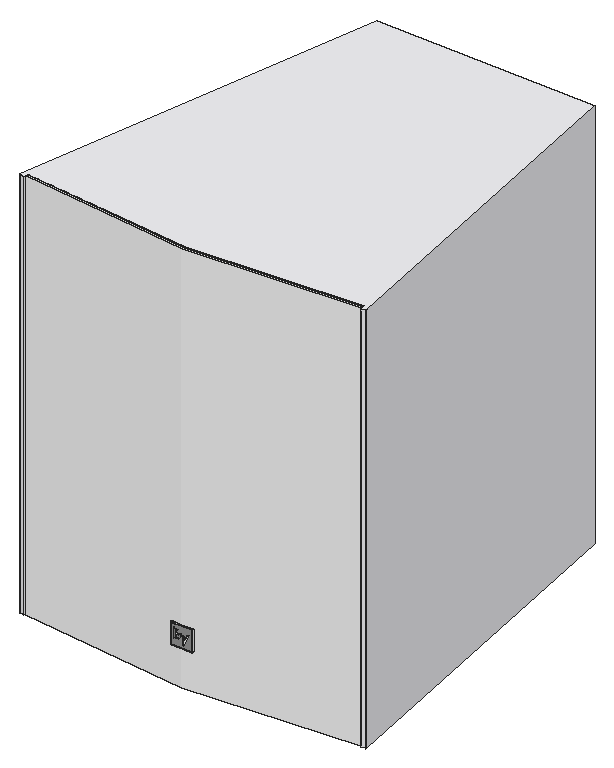
Revit family "EVF-1181S", category Communication Devices, Revit 2017 (continued)
Definition of nested family "InputPanelV"
  Lines and regions (mm)
    model lines
      curve 776: line (21.769, -4.337, 81.513) -> (21.77, -4.337, 79.396)
      curve 777: line (21.77, -4.337, 79.396) -> (15.545, -4.337, 79.397)
      curve 778: line (2.85, -4.337, 82.326) -> (3.839, -4.337, 82.487)
      curve 779: line (3.839, -4.337, 82.487) -> (4.676, -4.337, 82.946)
      curve 780: line (4.676, -4.337, 82.946) -> (5.236, -4.337, 83.632)
      curve 781: line (5.236, -4.337, 83.632) -> (5.432, -4.337, 84.441)
      curve 782: line (5.432, -4.337, 84.441) -> (5.236, -4.337, 85.251)
      curve 783: line (5.236, -4.337, 85.251) -> (4.676, -4.337, 85.937)
      curve 784: line (4.676, -4.337, 85.937) -> (3.838, -4.337, 86.395)
      curve 785: line (3.838, -4.337, 86.395) -> (2.85, -4.337, 86.556)
      curve 786: line (2.85, -4.337, 86.556) -> (1.862, -4.337, 86.395)
      curve 787: line (1.862, -4.337, 86.395) -> (1.024, -4.337, 85.937)
      curve 788: line (1.024, -4.337, 85.937) -> (0.465, -4.337, 85.25)
      curve 789: line (0.465, -4.337, 85.25) -> (0.268, -4.337, 84.441)
      curve 790: line (0.268, -4.337, 84.441) -> (0.465, -4.337, 83.631)
      curve 791: line (0.465, -4.337, 83.631) -> (1.025, -4.337, 82.945)
      curve 792: line (1.025, -4.337, 82.945) -> (1.855, -4.337, 82.491)
      curve 793: line (1.862, -4.337, 82.487) -> (2.85, -4.337, 82.203)
      curve 794: line (2.85, -4.337, 82.203) -> (2.851, -4.337, 81.512)
      curve 795: line (2.851, -4.337, 81.512) -> (2.851, -4.337, 79.394)
      curve 796: line (2.851, -4.337, 79.394) -> (-0.302, -4.337, 79.395)
      curve 797: line (-0.302, -4.337, 79.395) -> (-0.303, -4.337, 80.818)
      curve 798: line (-0.303, -4.337, 80.818) -> (-0.43, -4.337, 77.706)
      curve 799: line (-0.43, -4.337, 77.706) -> (-0.607, -4.337, 77.584)
      curve 800: line (-0.607, -4.337, 77.584) -> (-0.607, -4.337, 80.716)
      curve 801: line (-0.607, -4.337, 80.716) -> (-0.43, -4.337, 80.839)
      curve 802: line (15.463, -4.337, 82.328) -> (16.451, -4.337, 82.489)
      curve 803: line (16.451, -4.337, 82.489) -> (17.289, -4.337, 82.947)
      curve 804: line (17.289, -4.337, 82.947) -> (17.848, -4.337, 83.634)
      curve 805: line (17.848, -4.337, 83.634) -> (18.045, -4.337, 84.443)
      curve 806: line (18.045, -4.337, 84.443) -> (17.848, -4.337, 85.252)
      curve 807: line (17.848, -4.337, 85.252) -> (17.288, -4.337, 85.939)
      curve 808: line (17.288, -4.337, 85.939) -> (16.451, -4.337, 86.397)
      curve 809: line (16.451, -4.337, 86.397) -> (15.463, -4.337, 86.558)
      curve 810: line (15.463, -4.337, 86.558) -> (14.474, -4.337, 86.397)
      curve 811: line (14.474, -4.337, 86.397) -> (13.637, -4.337, 85.938)
      curve 812: line (13.637, -4.337, 85.938) -> (13.077, -4.337, 85.252)
      curve 813: line (13.077, -4.337, 85.252) -> (12.881, -4.337, 84.442)
      curve 814: line (12.881, -4.337, 84.442) -> (13.077, -4.337, 83.633)
      curve 815: line (13.077, -4.337, 83.633) -> (13.637, -4.337, 82.947)
      curve 816: line (13.637, -4.337, 82.947) -> (14.468, -4.337, 82.492)
      curve 817: line (14.475, -4.337, 82.488) -> (15.463, -4.337, 82.205)
      curve 818: line (15.463, -4.337, 82.205) -> (15.463, -4.337, 81.513)
      curve 819: line (15.463, -4.337, 81.513) -> (15.463, -4.337, 79.396)
      curve 820: line (15.463, -4.337, 79.396) -> (9.268, -4.337, 79.396)
      curve 821: line (24.922, -4.337, 85.257) -> (24.922, -4.337, 85.469)
      curve 822: line (24.922, -4.337, 85.469) -> (24.579, -4.337, 85.469)
      curve 823: line (24.441, -4.337, 85.39) -> (24.315, -4.337, 85.257)
      curve 824: line (24.315, -4.337, 85.257) -> (24.922, -4.337, 85.257)
      curve 825: line (24.922, -4.337, 85.257) -> (24.922, -4.337, 83.63)
      curve 826: line (24.922, -4.337, 83.63) -> (24.315, -4.337, 83.63)
      curve 827: line (18.008, -4.337, 83.63) -> (19.223, -4.337, 83.63)
      curve 828: line (11.703, -4.337, 83.629) -> (12.918, -4.337, 83.629)
      curve 829: line (5.395, -4.337, 83.628) -> (6.61, -4.337, 83.628)
      curve 830: line (-0.303, -4.337, 85.254) -> (-0.303, -4.337, 85.466)
      curve 831: line (-0.303, -4.337, 85.466) -> (0.063, -4.337, 85.466)
      curve 832: line (0.179, -4.337, 85.387) -> (0.305, -4.337, 85.254)
      curve 833: line (0.305, -4.337, 85.254) -> (-0.303, -4.337, 85.254)
      curve 834: line (-0.303, -4.337, 85.254) -> (-0.303, -4.337, 83.627)
      curve 835: line (-0.303, -4.337, 83.627) -> (0.305, -4.337, 83.627)
      curve 836: line (5.659, -4.337, 85.467) -> (6.337, -4.337, 85.464)
      curve 837: line (6.484, -4.337, 85.388) -> (6.61, -4.337, 85.255)
      curve 838: line (6.61, -4.337, 85.255) -> (5.395, -4.337, 85.255)
      curve 839: line (5.395, -4.337, 85.255) -> (5.521, -4.337, 85.388)
      curve 840: line (11.703, -4.337, 85.256) -> (12.917, -4.337, 85.256)
      curve 841: line (12.917, -4.337, 85.256) -> (12.791, -4.337, 85.389)
      curve 842: line (12.676, -4.337, 85.468) -> (11.966, -4.337, 85.468)
      curve 843: line (11.829, -4.337, 85.389) -> (11.703, -4.337, 85.256)
      curve 844: line (18.272, -4.337, 85.468) -> (18.95, -4.337, 85.465)
      curve 845: line (19.097, -4.337, 85.39) -> (19.223, -4.337, 85.257)
      curve 846: line (19.223, -4.337, 85.257) -> (18.008, -4.337, 85.257)
      curve 847: line (18.008, -4.337, 85.257) -> (18.134, -4.337, 85.39)
      curve 848: line (12.599, -4.337, 80.82) -> (12.599, -4.337, 82.937)
      curve 849: line (12.599, -4.337, 82.937) -> (12.022, -4.337, 82.937)
      curve 850: line (12.022, -4.337, 82.937) -> (12.022, -4.337, 80.82)
      curve 851: line (12.022, -4.337, 80.82) -> (12.599, -4.337, 80.82)
      curve 852: line (6.291, -4.337, 80.819) -> (5.715, -4.337, 80.819)
      curve 853: line (5.715, -4.337, 80.819) -> (5.715, -4.337, 82.936)
      curve 854: line (5.715, -4.337, 82.936) -> (6.291, -4.337, 82.936)
      curve 855: line (6.291, -4.337, 82.936) -> (6.291, -4.337, 80.819)
      curve 856: line (18.904, -4.337, 80.821) -> (18.328, -4.337, 80.821)
      curve 857: line (18.328, -4.337, 80.821) -> (18.327, -4.337, 82.938)
      curve 858: line (18.327, -4.337, 82.938) -> (18.904, -4.337, 82.938)
      curve 859: line (18.904, -4.337, 82.938) -> (18.904, -4.337, 80.821)
      curve 860: line (-0.303, -4.337, 82.936) -> (-0.303, -4.337, 80.818)
      curve 861: line (-0.303, -4.337, 80.818) -> (-0.014, -4.337, 80.818)
      curve 862: line (-0.014, -4.337, 80.818) -> (-0.014, -4.337, 82.936)
      curve 863: line (-0.014, -4.337, 82.936) -> (-0.303, -4.337, 82.936)
      curve 864: line (-0.303, -4.337, 82.936) -> (-0.303, -4.337, 83.627)
      curve 865: line (24.922, -4.337, 83.63) -> (24.922, -4.337, 82.939)
      curve 866: line (24.922, -4.337, 82.939) -> (24.635, -4.337, 82.939)
      curve 867: line (24.635, -4.337, 82.939) -> (24.635, -4.337, 80.821)
      curve 868: line (24.635, -4.337, 80.821) -> (24.923, -4.337, 80.821)
      curve 869: line (24.923, -4.337, 80.821) -> (24.922, -4.337, 82.939)
      curve 870: line (2.646, -4.337, 82.333) -> (4.834, -4.337, 84.126)
      curve 871: line (4.834, -4.337, 84.126) -> (5.167, -4.337, 83.635)
      curve 872: line (8.952, -4.337, 82.333) -> (11.141, -4.337, 84.127)
      curve 873: line (11.141, -4.337, 84.127) -> (11.473, -4.337, 83.636)
      curve 874: line (2.391, -4.337, 82.36) -> (4.343, -4.337, 83.959)
      curve 875: line (4.343, -4.337, 83.959) -> (4.343, -4.337, 84.529)
      curve 876: line (4.343, -4.337, 84.529) -> (1.855, -4.337, 82.491)
      curve 877: line (8.697, -4.337, 82.36) -> (10.649, -4.337, 83.96)
      curve 878: line (10.649, -4.337, 83.96) -> (10.649, -4.337, 84.529)
      curve 879: line (10.649, -4.337, 84.529) -> (8.162, -4.337, 82.491)
      curve 880: line (15.004, -4.337, 82.361) -> (16.955, -4.337, 83.961)
      curve 881: line (16.955, -4.337, 83.961) -> (16.955, -4.337, 84.53)
      curve 882: line (16.955, -4.337, 84.53) -> (14.468, -4.337, 82.492)
      curve 883: line (15.258, -4.337, 82.334) -> (17.447, -4.337, 84.128)
      curve 884: line (17.447, -4.337, 84.128) -> (17.779, -4.337, 83.637)
      curve 885: line (21.565, -4.337, 82.335) -> (23.753, -4.337, 84.128)
      curve 886: line (23.753, -4.337, 84.128) -> (24.086, -4.337, 83.637)
      curve 887: line (21.31, -4.337, 82.362) -> (23.262, -4.337, 83.961)
      curve 888: line (23.262, -4.337, 83.961) -> (23.262, -4.337, 84.531)
      curve 889: line (23.262, -4.337, 84.531) -> (20.774, -4.337, 82.493)
      curve 890: line (21.88, -4.337, 79.397) -> (24.923, -4.337, 79.398)
      curve 891: line (24.923, -4.337, 79.398) -> (24.924, -4.337, 73.974)
      curve 892: line (24.924, -4.337, 73.974) -> (-0.302, -4.337, 73.971)
      curve 893: line (-0.302, -4.337, 73.971) -> (-0.302, -4.337, 79.395)
      curve 894: line (24.923, -4.337, 80.821) -> (24.923, -4.337, 79.398)
      curve 895: line (24.924, -4.337, 73.974) -> (24.924, -4.337, 73.648)
      curve 896: line (24.924, -4.337, 73.648) -> (-0.302, -4.337, 73.645)
      curve 897: line (-0.302, -4.337, 73.645) -> (-0.302, -4.337, 73.971)
      curve 898: line (-0.302, -4.337, 73.971) -> (-0.429, -4.337, 73.842)
      curve 899: line (-0.429, -4.337, 73.842) -> (-0.607, -4.337, 73.72)
      curve 900: line (6.303, -4.337, 73.19) -> (11.814, -4.337, 73.191)
      curve 901: line (11.814, -4.337, 73.191) -> (11.815, -4.337, 68.976)
      curve 902: line (11.815, -4.337, 68.976) -> (6.303, -4.337, 68.975)
      curve 903: line (6.303, -4.337, 68.975) -> (6.303, -4.337, 73.19)
      curve 904: line (5.707, -4.337, 68.975) -> (0.195, -4.337, 68.974)
      curve 905: line (0.195, -4.337, 68.974) -> (0.195, -4.337, 73.19)
      curve 906: line (0.195, -4.337, 73.19) -> (5.707, -4.337, 73.19)
      curve 907: line (5.707, -4.337, 73.19) -> (5.707, -4.337, 68.975)
      curve 908: line (-0.302, -4.337, 73.645) -> (-0.301, -4.337, 68.519)
      curve 909: line (-0.301, -4.337, 68.519) -> (24.924, -4.337, 68.522)
      curve 910: line (24.924, -4.337, 68.522) -> (24.924, -4.337, 73.648)
      curve 911: line (18.915, -4.337, 73.192) -> (24.427, -4.337, 73.193)
      curve 912: line (24.427, -4.337, 73.193) -> (24.428, -4.337, 68.977)
      curve 913: line (24.428, -4.337, 68.977) -> (18.916, -4.337, 68.977)
      curve 914: line (18.916, -4.337, 68.977) -> (18.915, -4.337, 73.192)
      curve 915: line (18.32, -4.337, 68.977) -> (12.808, -4.337, 68.976)
      curve 916: line (12.808, -4.337, 68.976) -> (12.808, -4.337, 73.191)
      curve 917: line (12.808, -4.337, 73.191) -> (18.319, -4.337, 73.192)
      curve 918: line (18.319, -4.337, 73.192) -> (18.32, -4.337, 68.977)
      curve 919: line (20.082, -4.337, 73.192) -> (20.082, -4.337, 71.784)
      curve 920: line (20.082, -4.337, 71.784) -> (19.394, -4.337, 71.458)
      curve 921: line (19.394, -4.337, 71.458) -> (18.916, -4.337, 71.073)
      curve 922: line (7.47, -4.337, 73.19) -> (7.47, -4.337, 71.782)
      curve 923: line (7.47, -4.337, 71.782) -> (6.782, -4.337, 71.456)
      curve 924: line (6.782, -4.337, 71.456) -> (6.303, -4.337, 71.071)
      curve 925: line (17.152, -4.337, 73.192) -> (17.153, -4.337, 71.783)
      curve 926: line (17.153, -4.337, 71.783) -> (17.841, -4.337, 71.458)
      curve 927: line (17.841, -4.337, 71.458) -> (18.32, -4.337, 71.073)
      curve 928: line (4.54, -4.337, 73.19) -> (4.54, -4.337, 71.782)
      curve 929: line (4.54, -4.337, 71.782) -> (5.228, -4.337, 71.456)
      curve 930: line (5.228, -4.337, 71.456) -> (5.707, -4.337, 71.071)
      curve 931: line (1.163, -4.337, 73.19) -> (1.163, -4.337, 71.781)
      curve 932: line (1.163, -4.337, 71.781) -> (0.475, -4.337, 71.456)
      curve 933: line (0.475, -4.337, 71.456) -> (0.195, -4.337, 71.23)
      curve 934: line (13.776, -4.337, 73.191) -> (13.776, -4.337, 71.783)
      curve 935: line (13.776, -4.337, 71.783) -> (13.088, -4.337, 71.457)
      curve 936: line (13.088, -4.337, 71.457) -> (12.808, -4.337, 71.232)
      curve 937: line (10.846, -4.337, 73.191) -> (10.846, -4.337, 71.782)
      curve 938: line (10.846, -4.337, 71.782) -> (11.534, -4.337, 71.457)
      curve 939: line (11.815, -4.337, 71.232) -> (11.534, -4.337, 71.457)
      curve 940: line (11.534, -4.337, 71.457) -> (6.782, -4.337, 71.456)
      curve 941: line (23.459, -4.337, 73.192) -> (23.459, -4.337, 71.784)
      curve 942: line (23.459, -4.337, 71.784) -> (24.147, -4.337, 71.459)
      curve 943: line (24.147, -4.337, 71.459) -> (19.394, -4.337, 71.458)
      curve 944: line (24.427, -4.337, 71.233) -> (24.147, -4.337, 71.459)
      curve 945: line (4.54, -4.337, 71.782) -> (1.163, -4.337, 71.781)
      curve 946: line (17.153, -4.337, 71.783) -> (13.776, -4.337, 71.783)
      curve 947: line (7.47, -4.337, 71.782) -> (10.846, -4.337, 71.782)
      curve 948: line (20.082, -4.337, 71.784) -> (23.459, -4.337, 71.784)
      curve 949: line (-0.868, -4.337, 73.72) -> (-0.867, -4.337, 70.587)
      curve 950: line (-0.867, -4.337, 70.587) -> (-0.606, -4.337, 70.587)
      curve 951: line (-0.606, -4.337, 70.587) -> (-0.607, -4.337, 73.72)
      curve 952: line (-0.607, -4.337, 73.72) -> (-0.868, -4.337, 73.72)
      curve 953: line (-0.868, -4.337, 73.72) -> (-0.868, -4.337, 74.301)
      curve 954: line (-0.868, -4.337, 74.301) -> (-0.607, -4.337, 74.301)
      curve 955: line (-0.607, -4.337, 74.301) -> (-0.302, -4.337, 74.179)
      curve 956: line (-0.429, -4.337, 73.842) -> (-0.429, -4.337, 70.709)
      curve 957: line (-0.429, -4.337, 70.709) -> (-0.606, -4.337, 70.587)
      curve 958: line (5.707, -4.337, 70.073) -> (0.195, -4.337, 70.073)
      curve 959: line (18.32, -4.337, 70.075) -> (12.808, -4.337, 70.074)
      curve 960: line (11.815, -4.337, 70.074) -> (6.303, -4.337, 70.073)
      curve 961: line (24.427, -4.337, 70.076) -> (18.916, -4.337, 70.075)
      curve 962: line (5.228, -4.337, 71.456) -> (0.475, -4.337, 71.456)
      curve 963: line (17.841, -4.337, 71.458) -> (13.088, -4.337, 71.457)
      curve 964: line (-0.607, -4.337, 80.716) -> (-0.869, -4.337, 80.716)
      curve 965: line (-0.869, -4.337, 80.716) -> (-0.869, -4.337, 81.297)
      curve 966: line (-0.869, -4.337, 81.297) -> (-0.608, -4.337, 81.297)
      curve 967: line (-0.608, -4.337, 81.297) -> (-0.43, -4.337, 81.175)
      curve 968: line (-0.869, -4.337, 80.716) -> (-0.868, -4.337, 77.583)
      curve 969: line (-0.868, -4.337, 77.583) -> (-0.607, -4.337, 77.584)
      curve 970: line (15.462, -4.337, 91.808) -> (14.474, -4.337, 91.647)
      curve 971: line (14.474, -4.337, 91.647) -> (13.636, -4.337, 91.189)
      curve 972: line (13.636, -4.337, 91.189) -> (13.076, -4.337, 90.502)
      curve 973: line (13.076, -4.337, 90.502) -> (12.88, -4.337, 89.693)
      curve 974: line (12.88, -4.337, 89.693) -> (13.077, -4.337, 88.883)
      curve 975: line (13.077, -4.337, 88.883) -> (13.637, -4.337, 88.197)
      curve 976: line (13.637, -4.337, 88.197) -> (14.474, -4.337, 87.739)
      curve 977: line (14.474, -4.337, 87.739) -> (15.462, -4.337, 87.578)
      curve 978: line (15.462, -4.337, 87.578) -> (16.451, -4.337, 87.739)
      curve 979: line (16.451, -4.337, 87.739) -> (17.288, -4.337, 88.198)
      curve 980: line (17.288, -4.337, 88.198) -> (17.848, -4.337, 88.884)
      curve 981: line (17.848, -4.337, 88.884) -> (18.044, -4.337, 89.694)
      curve 982: line (18.044, -4.337, 89.694) -> (17.848, -4.337, 90.503)
      curve 983: line (17.848, -4.337, 90.503) -> (17.288, -4.337, 91.189)
      curve 984: line (17.288, -4.337, 91.189) -> (16.457, -4.337, 91.644)
      curve 985: line (16.45, -4.337, 91.647) -> (15.462, -4.337, 91.932)
      curve 986: line (15.462, -4.337, 91.932) -> (15.462, -4.337, 92.623)
      curve 987: line (15.462, -4.337, 92.623) -> (15.462, -4.337, 94.741)
      curve 988: line (15.462, -4.337, 94.741) -> (21.686, -4.337, 94.74)
      curve 989: line (2.849, -4.337, 91.807) -> (1.861, -4.337, 91.646)
      curve 990: line (1.861, -4.337, 91.646) -> (1.024, -4.337, 91.187)
      curve 991: line (1.024, -4.337, 91.187) -> (0.464, -4.337, 90.501)
      curve 992: line (0.464, -4.337, 90.501) -> (0.267, -4.337, 89.691)
      curve 993: line (0.267, -4.337, 89.691) -> (0.464, -4.337, 88.882)
      curve 994: line (0.464, -4.337, 88.882) -> (1.024, -4.337, 88.196)
      curve 995: line (1.024, -4.337, 88.196) -> (1.862, -4.337, 87.737)
      curve 996: line (1.862, -4.337, 87.737) -> (2.85, -4.337, 87.577)
      curve 997: line (2.85, -4.337, 87.577) -> (3.838, -4.337, 87.738)
      curve 998: line (3.838, -4.337, 87.738) -> (4.676, -4.337, 88.196)
      curve 999: line (4.676, -4.337, 88.196) -> (5.235, -4.337, 88.883)
      curve 1000: line (5.235, -4.337, 88.883) -> (5.432, -4.337, 89.692)
      curve 1001: line (5.432, -4.337, 89.692) -> (5.235, -4.337, 90.501)
      curve 1002: line (5.235, -4.337, 90.501) -> (4.675, -4.337, 91.188)
      curve 1003: line (4.675, -4.337, 91.188) -> (3.844, -4.337, 91.642)
      curve 1004: line (3.837, -4.337, 91.646) -> (2.849, -4.337, 91.93)
      curve 1005: line (2.849, -4.337, 91.93) -> (2.849, -4.337, 92.622)
      curve 1006: line (2.849, -4.337, 92.622) -> (2.849, -4.337, 94.74)
      curve 1007: line (2.849, -4.337, 94.74) -> (9.074, -4.337, 94.739)
      curve 1008: line (21.768, -4.337, 91.809) -> (20.78, -4.337, 91.648)
      curve 1009: line (20.78, -4.337, 91.648) -> (19.942, -4.337, 91.189)
      curve 1010: line (19.942, -4.337, 91.189) -> (19.383, -4.337, 90.503)
      curve 1011: line (19.383, -4.337, 90.503) -> (19.186, -4.337, 89.694)
      curve 1012: line (19.186, -4.337, 89.694) -> (19.383, -4.337, 88.884)
      curve 1013: line (19.383, -4.337, 88.884) -> (19.943, -4.337, 88.198)
      curve 1014: line (19.943, -4.337, 88.198) -> (20.781, -4.337, 87.74)
      curve 1015: line (20.781, -4.337, 87.74) -> (21.769, -4.337, 87.579)
      curve 1016: line (21.769, -4.337, 87.579) -> (22.757, -4.337, 87.74)
      curve 1017: line (22.757, -4.337, 87.74) -> (23.594, -4.337, 88.199)
      curve 1018: line (23.594, -4.337, 88.199) -> (24.154, -4.337, 88.885)
      curve 1019: line (24.154, -4.337, 88.885) -> (24.351, -4.337, 89.694)
      curve 1020: line (24.351, -4.337, 89.694) -> (24.154, -4.337, 90.504)
      curve 1021: line (24.154, -4.337, 90.504) -> (23.594, -4.337, 91.19)
      curve 1022: line (23.594, -4.337, 91.19) -> (22.763, -4.337, 91.644)
      curve 1023: line (22.756, -4.337, 91.648) -> (21.768, -4.337, 91.932)
      curve 1024: line (21.768, -4.337, 91.932) -> (21.768, -4.337, 92.624)
      curve 1025: line (21.768, -4.337, 92.624) -> (21.768, -4.337, 94.741)
      curve 1026: line (21.768, -4.337, 94.741) -> (24.921, -4.337, 94.741)
      curve 1027: line (9.156, -4.337, 91.808) -> (8.167, -4.337, 91.646)
      curve 1028: line (8.167, -4.337, 91.646) -> (7.33, -4.337, 91.188)
      curve 1029: line (7.33, -4.337, 91.188) -> (6.77, -4.337, 90.502)
      curve 1030: line (6.77, -4.337, 90.502) -> (6.574, -4.337, 89.692)
      curve 1031: line (6.574, -4.337, 89.692) -> (6.77, -4.337, 88.883)
      curve 1032: line (6.77, -4.337, 88.883) -> (7.33, -4.337, 88.197)
      curve 1033: line (7.33, -4.337, 88.197) -> (8.168, -4.337, 87.738)
      curve 1034: line (8.168, -4.337, 87.738) -> (9.156, -4.337, 87.577)
      curve 1035: line (9.156, -4.337, 87.577) -> (10.144, -4.337, 87.738)
      curve 1036: line (10.144, -4.337, 87.738) -> (10.982, -4.337, 88.197)
      curve 1037: line (10.982, -4.337, 88.197) -> (11.542, -4.337, 88.883)
      curve 1038: line (11.542, -4.337, 88.883) -> (11.738, -4.337, 89.693)
      curve 1039: line (11.738, -4.337, 89.693) -> (11.541, -4.337, 90.502)
      curve 1040: line (11.541, -4.337, 90.502) -> (10.981, -4.337, 91.188)
      curve 1041: line (10.981, -4.337, 91.188) -> (10.151, -4.337, 91.643)
      curve 1042: line (10.144, -4.337, 91.647) -> (9.156, -4.337, 91.93)
      curve 1043: line (9.156, -4.337, 91.93) -> (9.155, -4.337, 92.622)
      curve 1044: line (9.155, -4.337, 92.622) -> (9.155, -4.337, 94.74)
      curve 1045: line (9.155, -4.337, 94.74) -> (15.351, -4.337, 94.739)
      curve 1046: line (-0.304, -4.337, 88.878) -> (-0.303, -4.337, 88.666)
      curve 1047: line (-0.303, -4.337, 88.666) -> (0.04, -4.337, 88.666)
      curve 1048: line (0.177, -4.337, 88.745) -> (0.303, -4.337, 88.878)
      curve 1049: line (0.303, -4.337, 88.878) -> (-0.304, -4.337, 88.878)
      curve 1050: line (-0.304, -4.337, 88.878) -> (-0.304, -4.337, 90.505)
      curve 1051: line (-0.304, -4.337, 90.505) -> (0.303, -4.337, 90.505)
      curve 1052: line (6.611, -4.337, 90.506) -> (5.396, -4.337, 90.505)
      curve 1053: line (12.916, -4.337, 90.506) -> (11.701, -4.337, 90.506)
      curve 1054: line (19.223, -4.337, 90.507) -> (18.008, -4.337, 90.507)
      curve 1055: line (24.922, -4.337, 88.881) -> (24.922, -4.337, 88.669)
      curve 1056: line (24.922, -4.337, 88.669) -> (24.556, -4.337, 88.669)
      curve 1057: line (24.44, -4.337, 88.748) -> (24.314, -4.337, 88.881)
      curve 1058: line (24.314, -4.337, 88.881) -> (24.922, -4.337, 88.881)
      curve 1059: line (24.922, -4.337, 88.881) -> (24.922, -4.337, 90.508)
      curve 1060: line (24.922, -4.337, 90.508) -> (24.314, -4.337, 90.508)
      curve 1061: line (18.96, -4.337, 88.668) -> (18.281, -4.337, 88.672)
      curve 1062: line (18.135, -4.337, 88.747) -> (18.008, -4.337, 88.88)
      curve 1063: line (18.008, -4.337, 88.88) -> (19.223, -4.337, 88.88)
      curve 1064: line (19.223, -4.337, 88.88) -> (19.097, -4.337, 88.747)
      curve 1065: line (12.916, -4.337, 88.879) -> (11.701, -4.337, 88.879)
      curve 1066: line (11.701, -4.337, 88.879) -> (11.827, -4.337, 88.746)
      curve 1067: line (11.943, -4.337, 88.668) -> (12.652, -4.337, 88.668)
      curve 1068: line (12.79, -4.337, 88.746) -> (12.916, -4.337, 88.879)
      curve 1069: line (6.347, -4.337, 88.667) -> (5.669, -4.337, 88.67)
      curve 1070: line (5.522, -4.337, 88.745) -> (5.396, -4.337, 88.878)
      curve 1071: line (5.396, -4.337, 88.878) -> (6.611, -4.337, 88.879)
      curve 1072: line (6.611, -4.337, 88.879) -> (6.485, -4.337, 88.745)
      curve 1073: line (12.02, -4.337, 93.315) -> (12.02, -4.337, 91.198)
      curve 1074: line (12.02, -4.337, 91.198) -> (12.597, -4.337, 91.198)
      curve 1075: line (12.597, -4.337, 91.198) -> (12.596, -4.337, 93.315)
      curve 1076: line (12.596, -4.337, 93.315) -> (12.02, -4.337, 93.315)
      curve 1077: line (18.327, -4.337, 93.316) -> (18.904, -4.337, 93.316)
      curve 1078: line (18.904, -4.337, 93.316) -> (18.904, -4.337, 91.199)
      curve 1079: line (18.904, -4.337, 91.199) -> (18.327, -4.337, 91.199)
      curve 1080: line (18.327, -4.337, 91.199) -> (18.327, -4.337, 93.316)
      curve 1081: line (5.715, -4.337, 93.315) -> (6.291, -4.337, 93.315)
      curve 1082: line (6.291, -4.337, 93.315) -> (6.291, -4.337, 91.197)
      curve 1083: line (6.291, -4.337, 91.197) -> (5.715, -4.337, 91.197)
      curve 1084: line (5.715, -4.337, 91.197) -> (5.715, -4.337, 93.315)
      curve 1085: line (24.921, -4.337, 91.199) -> (24.921, -4.337, 93.317)
      curve 1086: line (24.921, -4.337, 93.317) -> (24.632, -4.337, 93.317)
      curve 1087: line (24.632, -4.337, 93.317) -> (24.633, -4.337, 91.199)
      curve 1088: line (24.633, -4.337, 91.199) -> (24.921, -4.337, 91.199)
      curve 1089: line (24.921, -4.337, 91.199) -> (24.922, -4.337, 90.508)
      curve 1090: line (-0.304, -4.337, 90.505) -> (-0.304, -4.337, 91.196)
      curve 1091: line (-0.304, -4.337, 91.196) -> (-0.016, -4.337, 91.196)
      curve 1092: line (-0.016, -4.337, 91.196) -> (-0.016, -4.337, 93.314)
      curve 1093: line (-0.016, -4.337, 93.314) -> (-0.304, -4.337, 93.314)
      curve 1094: line (-0.304, -4.337, 93.314) -> (-0.304, -4.337, 91.196)
      curve 1095: line (15.667, -4.337, 91.802) -> (13.478, -4.337, 90.008)
      curve 1096: line (13.478, -4.337, 90.008) -> (13.145, -4.337, 90.499)
      curve 1097: line (21.973, -4.337, 91.802) -> (19.784, -4.337, 90.009)
      curve 1098: line (19.784, -4.337, 90.009) -> (19.452, -4.337, 90.5)
      curve 1099: line (15.921, -4.337, 91.775) -> (13.97, -4.337, 90.175)
      curve 1100: line (13.97, -4.337, 90.175) -> (13.97, -4.337, 89.606)
      curve 1101: line (13.97, -4.337, 89.606) -> (16.457, -4.337, 91.644)
      curve 1102: line (22.228, -4.337, 91.775) -> (20.276, -4.337, 90.176)
      curve 1103: line (20.276, -4.337, 90.176) -> (20.276, -4.337, 89.607)
      curve 1104: line (20.276, -4.337, 89.607) -> (22.763, -4.337, 91.644)
      curve 1105: line (9.36, -4.337, 91.801) -> (7.172, -4.337, 90.008)
      curve 1106: line (7.172, -4.337, 90.008) -> (6.839, -4.337, 90.499)
      curve 1107: line (3.054, -4.337, 91.8) -> (0.865, -4.337, 90.007)
      curve 1108: line (0.865, -4.337, 90.007) -> (0.533, -4.337, 90.498)
      curve 1109: line (3.309, -4.337, 91.773) -> (1.357, -4.337, 90.174)
      curve 1110: line (1.357, -4.337, 90.174) -> (1.357, -4.337, 89.604)
      curve 1111: line (1.357, -4.337, 89.604) -> (3.844, -4.337, 91.642)
      curve 1112: line (9.615, -4.337, 91.774) -> (7.663, -4.337, 90.175)
      curve 1113: line (7.663, -4.337, 90.175) -> (7.663, -4.337, 89.605)
      curve 1114: line (7.663, -4.337, 89.605) -> (10.151, -4.337, 91.643)
      curve 1115: line (2.738, -4.337, 94.738) -> (-0.304, -4.337, 94.737)
      curve 1116: line (-0.304, -4.337, 94.737) -> (-0.305, -4.337, 100.161)
      curve 1117: line (-0.305, -4.337, 100.161) -> (24.92, -4.337, 100.165)
      curve 1118: line (24.92, -4.337, 100.165) -> (24.921, -4.337, 94.741)
      curve 1119: line (24.921, -4.337, 94.741) -> (24.921, -4.337, 93.317)
      curve 1120: line (24.921, -4.337, 93.317) -> (25.049, -4.337, 96.43)
      curve 1121: line (25.049, -4.337, 96.43) -> (25.226, -4.337, 96.552)
      curve 1122: line (-0.304, -4.337, 93.314) -> (-0.304, -4.337, 94.737)
      curve 1123: line (18.316, -4.337, 100.945) -> (12.804, -4.337, 100.944)
      curve 1124: line (12.804, -4.337, 100.944) -> (12.804, -4.337, 105.159)
      curve 1125: line (12.804, -4.337, 105.159) -> (18.315, -4.337, 105.16)
      curve 1126: line (18.315, -4.337, 105.16) -> (18.316, -4.337, 100.945)
      curve 1127: line (18.911, -4.337, 105.16) -> (24.423, -4.337, 105.161)
      curve 1128: line (24.423, -4.337, 105.161) -> (24.424, -4.337, 100.946)
      curve 1129: line (24.424, -4.337, 100.946) -> (18.912, -4.337, 100.945)
      curve 1130: line (18.912, -4.337, 100.945) -> (18.911, -4.337, 105.16)
      curve 1131: line (-0.305, -4.337, 100.487) -> (24.92, -4.337, 100.49)
      curve 1132: line (24.92, -4.337, 100.49) -> (24.92, -4.337, 105.617)
      curve 1133: line (24.92, -4.337, 105.617) -> (-0.306, -4.337, 105.614)
      curve 1134: line (-0.306, -4.337, 105.614) -> (-0.305, -4.337, 100.487)
      curve 1135: line (-0.305, -4.337, 100.487) -> (-0.305, -4.337, 100.161)
      curve 1136: line (5.703, -4.337, 100.943) -> (0.192, -4.337, 100.943)
      curve 1137: line (0.192, -4.337, 100.943) -> (0.191, -4.337, 105.158)
      curve 1138: line (0.191, -4.337, 105.158) -> (5.703, -4.337, 105.159)
      curve 1139: line (5.703, -4.337, 105.159) -> (5.703, -4.337, 100.943)
      curve 1140: line (6.299, -4.337, 105.159) -> (11.811, -4.337, 105.159)
      curve 1141: line (11.811, -4.337, 105.159) -> (11.811, -4.337, 100.944)
      curve 1142: line (11.811, -4.337, 100.944) -> (6.299, -4.337, 100.943)
      curve 1143: line (6.299, -4.337, 100.943) -> (6.299, -4.337, 105.159)
      curve 1144: line (24.92, -4.337, 100.49) -> (24.92, -4.337, 100.165)
      curve 1145: line (24.92, -4.337, 100.165) -> (25.048, -4.337, 103.426)
      curve 1146: line (25.048, -4.337, 103.426) -> (25.225, -4.337, 103.548)
      curve 1147: line (25.225, -4.337, 103.548) -> (25.225, -4.337, 100.415)
      curve 1148: line (25.225, -4.337, 100.415) -> (25.048, -4.337, 100.293)
      curve 1149: line (17.149, -4.337, 100.945) -> (17.149, -4.337, 102.353)
      curve 1150: line (17.149, -4.337, 102.353) -> (17.837, -4.337, 102.679)
      curve 1151: line (17.837, -4.337, 102.679) -> (18.316, -4.337, 103.064)
      curve 1152: line (4.536, -4.337, 100.943) -> (4.536, -4.337, 102.352)
      curve 1153: line (4.536, -4.337, 102.352) -> (5.224, -4.337, 102.677)
      curve 1154: line (5.224, -4.337, 102.677) -> (5.703, -4.337, 103.062)
      curve 1155: line (7.466, -4.337, 100.944) -> (7.466, -4.337, 102.352)
      curve 1156: line (7.466, -4.337, 102.352) -> (6.778, -4.337, 102.677)
      curve 1157: line (6.778, -4.337, 102.677) -> (6.299, -4.337, 103.062)
      curve 1158: line (20.079, -4.337, 100.945) -> (20.079, -4.337, 102.354)
      curve 1159: line (20.079, -4.337, 102.354) -> (19.391, -4.337, 102.679)
      curve 1160: line (19.391, -4.337, 102.679) -> (18.912, -4.337, 103.064)
      curve 1161: line (10.843, -4.337, 100.944) -> (10.843, -4.337, 102.352)
      curve 1162: line (10.843, -4.337, 102.352) -> (11.531, -4.337, 102.678)
      curve 1163: line (11.531, -4.337, 102.678) -> (11.811, -4.337, 102.903)
      curve 1164: line (23.455, -4.337, 100.945) -> (23.455, -4.337, 102.354)
      curve 1165: line (23.455, -4.337, 102.354) -> (24.143, -4.337, 102.679)
      curve 1166: line (24.143, -4.337, 102.679) -> (24.423, -4.337, 102.905)
      curve 1167: line (13.772, -4.337, 100.944) -> (13.772, -4.337, 102.353)
      curve 1168: line (13.772, -4.337, 102.353) -> (13.084, -4.337, 102.678)
      curve 1169: line (12.804, -4.337, 102.903) -> (13.084, -4.337, 102.678)
      curve 1170: line (13.084, -4.337, 102.678) -> (17.837, -4.337, 102.679)
      curve 1171: line (1.16, -4.337, 100.943) -> (1.16, -4.337, 102.351)
      curve 1172: line (1.16, -4.337, 102.351) -> (0.472, -4.337, 102.677)
      curve 1173: line (0.472, -4.337, 102.677) -> (5.224, -4.337, 102.677)
      curve 1174: line (0.191, -4.337, 102.902) -> (0.472, -4.337, 102.677)
      curve 1175: line (7.466, -4.337, 102.352) -> (10.843, -4.337, 102.352)
      curve 1176: line (20.079, -4.337, 102.354) -> (23.455, -4.337, 102.354)
      curve 1177: line (4.536, -4.337, 102.352) -> (1.16, -4.337, 102.351)
      curve 1178: line (17.149, -4.337, 102.353) -> (13.772, -4.337, 102.353)
      curve 1179: line (25.225, -4.337, 100.415) -> (25.486, -4.337, 100.415)
      curve 1180: line (25.486, -4.337, 100.415) -> (25.486, -4.337, 103.548)
      curve 1181: line (25.486, -4.337, 103.548) -> (25.225, -4.337, 103.548)
      curve 1182: line (25.486, -4.337, 100.415) -> (25.486, -4.337, 99.834)
      curve 1183: line (25.486, -4.337, 99.834) -> (25.225, -4.337, 99.834)
      curve 1184: line (25.225, -4.337, 99.834) -> (25.048, -4.337, 99.956)
      curve 1185: line (18.911, -4.337, 104.062) -> (24.423, -4.337, 104.063)
      curve 1186: line (6.299, -4.337, 104.06) -> (11.811, -4.337, 104.061)
      curve 1187: line (0.191, -4.337, 104.06) -> (5.703, -4.337, 104.06)
      curve 1188: line (12.804, -4.337, 104.061) -> (18.316, -4.337, 104.062)
      curve 1189: line (6.778, -4.337, 102.677) -> (11.531, -4.337, 102.678)
      curve 1190: line (19.391, -4.337, 102.679) -> (24.143, -4.337, 102.679)
      curve 1191: line (25.226, -4.337, 93.419) -> (25.049, -4.337, 93.297)
      curve 1192: line (25.487, -4.337, 93.419) -> (25.226, -4.337, 93.419)
      curve 1193: line (25.226, -4.337, 93.419) -> (25.226, -4.337, 96.552)
      curve 1194: line (25.226, -4.337, 96.552) -> (25.487, -4.337, 96.552)
      curve 1195: line (25.487, -4.337, 96.552) -> (25.487, -4.337, 93.419)
      curve 1196: line (25.487, -4.337, 93.419) -> (25.487, -4.337, 92.838)
      curve 1197: line (25.487, -4.337, 92.838) -> (25.226, -4.337, 92.838)
      curve 1198: line (25.226, -4.337, 92.838) -> (25.049, -4.337, 92.96)
      curve 1199: line (-0.104, -4.337, 67.336) -> (24.727, -4.337, 67.339)
      curve 1200: line (24.672, -4.337, 67.394) -> (-0.049, -4.337, 67.391)
      curve 1201: line (25.736, -4.337, 68.348) -> (25.731, -4.337, 105.791)
      curve 1202: line (25.676, -4.337, 105.736) -> (25.681, -4.337, 68.403)
      curve 1203: line (24.722, -4.337, 106.8) -> (-0.109, -4.337, 106.797)
      curve 1204: line (-0.106, -4.337, 106.797) -> (24.667, -4.337, 106.745)
      curve 1205: line (-1.117, -4.337, 105.788) -> (-1.113, -4.337, 68.344)
      curve 1206: line (-1.058, -4.337, 68.399) -> (-1.062, -4.337, 105.733)
      curve 1207: line (9.156, -4.337, 84.938) -> (9.156, -4.337, 86.557)
      curve 1208: line (9.156, -4.337, 86.557) -> (9.156, -4.337, 86.891)
      curve 1209: line (2.85, -4.337, 84.937) -> (2.85, -4.337, 86.556)
      curve 1210: line (2.85, -4.337, 86.556) -> (2.85, -4.337, 86.889)
      curve 1211: line (15.463, -4.337, 84.938) -> (15.463, -4.337, 86.558)
      curve 1212: line (15.463, -4.337, 86.558) -> (15.462, -4.337, 86.891)
      curve 1213: line (21.769, -4.337, 84.939) -> (21.769, -4.337, 86.559)
      curve 1214: line (21.769, -4.337, 86.559) -> (21.769, -4.337, 86.892)
      curve 1215: line (15.462, -4.337, 89.197) -> (15.462, -4.337, 87.578)
      curve 1216: line (15.462, -4.337, 87.578) -> (15.462, -4.337, 87.244)
      curve 1217: line (21.769, -4.337, 89.198) -> (21.769, -4.337, 87.579)
      curve 1218: line (21.769, -4.337, 87.579) -> (21.769, -4.337, 87.246)
      curve 1219: line (9.156, -4.337, 89.197) -> (9.156, -4.337, 87.577)
      curve 1220: line (9.156, -4.337, 87.577) -> (9.156, -4.337, 87.244)
      curve 1221: line (2.85, -4.337, 89.196) -> (2.85, -4.337, 87.577)
      curve 1222: line (2.85, -4.337, 87.577) -> (2.85, -4.337, 87.243)
Definition of nested family "L-EV"
  Parameters (values of type "L-EV")
    Material = ""
    Default Elevation = 1219.20 mm
  Reference planes
    plane 1 "Center (Front/Back)": y = 0
    plane 2: z = 0
    plane 3 "Center (Left/Right)": x = 0
  Forms (mm)
    Extrusion 1, solid, not visible
      sketch origin (18.736, -0.5, -73.012) x (1, 0, 0) y (0, 0, 1)
        loop
          arc (-38.866, 94.012) -> (-39.481, 93.758) -> (-39.736, 93.143) r 0.869
          line (-39.736, 93.143) -> (-39.736, 52.882)
          arc (-39.736, 52.882) -> (-39.481, 52.267) -> (-38.866, 52.012) r 0.869
          line (-38.866, 52.012) -> (1.395, 52.012)
          arc (1.395, 52.012) -> (2.01, 52.267) -> (2.264, 52.882) r 0.869
          line (2.264, 52.882) -> (2.264, 93.143)
          arc (2.264, 93.143) -> (2.01, 93.758) -> (1.395, 94.012) r 0.869
          line (1.395, 94.012) -> (-38.866, 94.012)
      from 0 to -0.5
    Extrusion 2, solid, detail levels fine
      sketch origin (18.736, 4, -73.24) x (1, 0, 0) y (0, 0, 1)
        loop
          line (-37.736, 92.24) -> (-37.736, 54.24) -> (0.264, 54.24) -> (0.264, 92.24) -> (-37.736, 92.24)
        loop
          line (-33.659, 85.319) -> (-33.659, 66.596) -> (-21.783, 66.596) -> (-21.783, 70.665) -> (-29.2, 70.665) -> (-29.2, 73.924) -> (-21.783, 73.924) -> (-21.783, 77.992) -> (-29.2, 77.992) -> (-29.2, 81.251) -> (-21.783, 81.251) -> (-21.783, 85.319) -> (-33.659, 85.319)
        loop
          line (-20.026, 77.992) -> (-20.026, 73.924) -> (-17.153, 73.924) -> (-17.153, 59.688) -> (-12.74, 59.688) -> (-2.619, 82.277) -> (-7.421, 82.277) -> (-12.694, 70.408) -> (-12.694, 77.992) -> (-20.026, 77.992)
      from 4.5 to 5
    Extrusion 3, solid, detail levels medium+fine
      sketch origin (0, 0, 0) x (1, 0, 0) y (0, 0, 1)
        loop
          line (19.816, 21) -> (-19.816, 21)
          arc (-19.816, 21) -> (-20.653, 20.653) -> (-21, 19.816) r 1.184
          line (-21, 19.816) -> (-21, -19.816)
          arc (-21, -19.816) -> (-20.653, -20.653) -> (-19.816, -21) r 1.184
          line (-19.816, -21) -> (19.816, -21)
          arc (19.816, -21) -> (20.653, -20.653) -> (21, -19.816) r 1.184
          line (21, -19.816) -> (21, 19.816)
          arc (21, 19.816) -> (20.653, 20.653) -> (19.816, 21) r 1.184
      from -1 to 0.5
Types (6, lengths in mm): name | ModelNumber | MaterialRALColour | LoudspeakerMaterial | GrillMaterial | CTN
  EVF1181SBLB_Black_1X18_Subwoofer_System | "F.01U.272.554" | "RAL9004" | 13-plyWeather-resistantBirchEVCoat -RAL9004 | 16GA Powder-coatedGalvanneal - B | "EVF1181SBLB"
  EVF-1181S-FGB | "F.01U.139.627" | "RAL9004" | 13-plyWeather-resistantBirchEVCoat -RAL9004 | 16GA Powder-coatedGalvanneal - B | "EVF-1181S-FGB"
  EVF-1181S-FGW | "F.01U.139.628" | "RAL9010" | 13-plyWeather-resistantBirchEVCoat -RAL9010 | 16GA Powder-coatedGalvanneal - W | "EVF-1181S-FGW"
  EVF1181SPBLB_Black_Weatherized_1X18_Sub | "F.01U.272.556" | "RAL9004" | 13-plyWeather-resistantBirchEVCoat -RAL9004 | 16GA Powder-coatedGalvanneal - B | "EVF1181SPBLB"
  EVF1181SPWLB_White_Weatherized_1X18_Sub | "F.01U.272.557" | "RAL9010" | 13-plyWeather-resistantBirchEVCoat -RAL9010 | 16GA Powder-coatedGalvanneal - W | "EVF1181SPWLB"
  EVF1181SWLB_White_1X18_Subwoofer_System | "F.01U.272.555" | "RAL9010" | 13-plyWeather-resistantBirchEVCoat -RAL9010 | 16GA Powder-coatedGalvanneal - W | "EVF1181SWLB"
